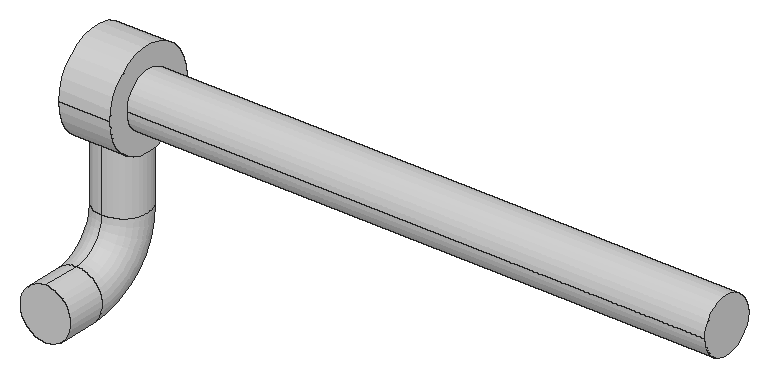
Revit family "EV_HOOK_1850164", category Generic Models, Revit 2018
Family settings
  Can host rebar = No
  Round Connector Dimension = Use Diameter
  Part Type = Normal
  OmniClass Number = 35.51.14.00
  OmniClass Title = FORMWORK
  Work Plane-Based = Yes
  Always vertical = No
  Cut with Voids When Loaded = No
  Shared = Yes
  Room Calculation Point = No
Parameters (values of type "EV_COMAIN HOOK_1850164")
  VERSION = "20190101"  # constant formula
  URL = "www.ulmaconstruction.com/en"
  UNICLASS = ""
  Manufacturer = "ULMA CONSTRUCTION"  # constant formula
  ITEM_CODE = "1850164"
  FILTER [instance] = ""
  Default Elevation = 0.000 mm
  CLASSIFICATION_TITLE = ""
  CLASSIFICATION_NUMBER = ""
Reference planes
  plane 1 "Centro (Frontal/Posterior)": y = 0
  plane 2: z = 0
  plane 3 "Centro (Izquierda/Derecha)": x = 0
  plane 4 "HOOK": z = 15
Forms (mm)
  Extrusion 1, solid, material "ULMA ZINC"
    sketch origin (0, 0, 0) x (0, 1, 0) y (0, 0, 1)
      loop
        circle (0, 15) r 15
    from -8 to 8
  Extrusion 2, solid, material "ULMA ZINC"
    sketch origin (0, 0, 0) x (0, 1, 0) y (0, 0, 1)
      loop
        circle (0, 15) r 8.5
    from -11 to 189
  Sweep 3, solid, material "ULMA ZINC"
    path in 3D
      loop
        line (0, -30, -35) -> (0, -18, -35)
        arc (0, -18, -35) -> (0, -5.272, -29.728) -> (0, 0, -17) r 18
        line (0, 0, -17) -> (0, 0, 15)
    profile origin (0, -24, -35) x (0, 0, 1) y (1, 0, 0)
      loop
        circle (0, 0) r 8
Cuts and joins
  joined: Extrusion 1, Extrusion 2, Sweep 3
Lines and regions (mm)
  reference lines
    curve 1: line (0, -30, -35) -> (0, -18, -35)
    curve 2: arc (0, -18, -35) -> (0, -5.272, -29.728) -> (0, 0, -17) r 18
    curve 3: line (0, 0, -17) -> (0, 0, 15)
  sketch lines
    curve 4: line (0, -30, -35) -> (0, -18, -35)
    curve 5: arc (0, -18, -35) -> (0, -5.272, -29.728) -> (0, 0, -17) r 18
    curve 6: line (0, 0, -17) -> (0, 0, 15)
Dimensions and locks
  aligned and locked: level to plane 2
